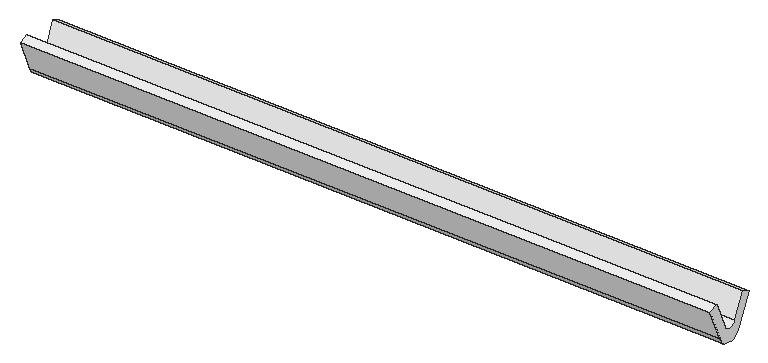
Revit family "QSS+_Распорный клин", category Обобщенные модели, Revit 2019
Family settings
  Может служить основой для арматурных стержней = Нет
  Размер круглого соединителя = Использовать диаметр
  Тип детали = Нормальный
  На основе рабочей плоскости = Нет
  Всегда вертикально = Да
  При загрузке вырезать с полостями = Нет
  Общий = Да
  Точка расчета площади = Нет
Parameters (values of type "QSS")
  Материал_Корпус = Металл
  Высота = 30 mm  # constant formula
  URL = "www.agpipe.ru"
  ADSK_Размер_Длина [instance] = 90 mm
  ADSK_Примечание = ""
  ADSK_Позиция [instance] = ""
  ADSK_Обозначение = ""
  ADSK_Наименование [instance] = "Распорный клин"  # constant formula
  ADSK_Масса_Текст [instance] = ""
  ADSK_Код изделия [instance] = "QSS-TW-3040"  # constant formula
  ADSK_Завод-изготовитель = "Agpipe"  # constant formula
  ADSK_Единица измерения = "шт."  # constant formula
Types (2, lengths in mm): name | ADSK_Размер_Длина
  QSS | 90
  QSS+ | 250
Reference planes
  plane 1 "По центру (Вперед/Назад)": y = 0
  plane 2: z = 0
  plane 3 "По центру (Влево/Вправо)": x = 0
  plane 4: x = -45
  plane 5: x = 45
Forms (mm)
  Extrusion 1, solid, material "Металл" <- "Материал_Корпус"
    sketch origin (0, 0, 0) x (0, 1, 0) y (0, 0, 1)
      loop
        line (3.101, 4.688) -> (2.177, 5.071) -> (0.967, 2.147)
        arc (0.967, 2.147) -> (0.108, 1.574) -> (-0.75, 2.147) r 0.929
        line (-0.75, 2.147) -> (-2.04, 5.262) -> (-3.149, 4.803) -> (-1.603, 1.071)
        arc (-1.603, 1.071) -> (0, 0) -> (1.603, 1.071) r 1.735
        line (1.603, 1.071) -> (3.101, 4.688)
    from -45 to 45
Dimensions and locks
  equal spacing: plane 4, plane 3 "По центру (Влево/Вправо)", plane 5
  "ADSK_Размер_Длина": plane 4 to plane 5
  aligned and locked: level to plane 2
  aligned and locked: plane 5 to Extrusion 1
  aligned and locked: Extrusion 1 to plane 4
Automatic sketch dimensions
  plane 1 "По центру (Вперед/Назад)" to Extrusion 1 sketch curve = 3.149 mm
  Extrusion 1 sketch curve to Extrusion 1 sketch curve = 1.108 mm
  level to Extrusion 1 sketch curve = 1.071 mm  (x2)
  Extrusion 1 sketch curve to Extrusion 1 sketch curve = 1.546 mm
  level to Extrusion 1 sketch curve = 2.147 mm  (x2)
  Extrusion 1 sketch curve to Extrusion 1 sketch curve = 0.853 mm
  Extrusion 1 sketch curve to Extrusion 1 sketch curve = 0.75 mm
  Extrusion 1 sketch curve to Extrusion 1 sketch curve = 0.108 mm
  Extrusion 1 sketch curve to plane 1 "По центру (Вперед/Назад)" = 2.177 mm
  Extrusion 1 sketch curve to plane 1 "По центру (Вперед/Назад)" = 3.101 mm
  Extrusion 1 sketch curve to Extrusion 1 sketch curve = 0.412 mm
  Extrusion 1 sketch curve to Extrusion 1 sketch curve = 0.768 mm
